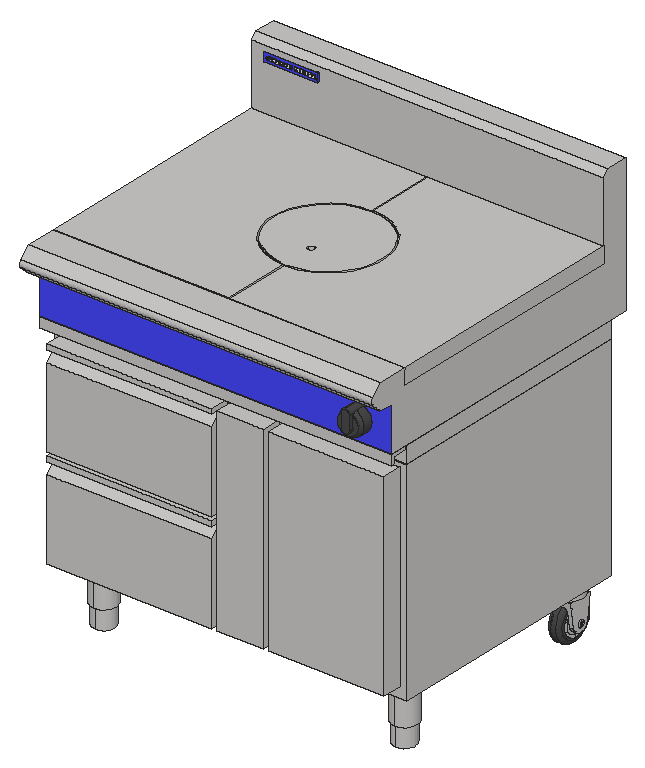
Revit family "QF_MOFFAT_BLUESEAL_CE_G57-RB", category Specialty Equipment, Revit 2012
Parameters
  Width = 900 mm
  Weight in Pounds = 489
  Watts = Volts * FL Amps  # 414 W
  Volts = 230 V
  URL Cutsheet = "www.moffat.com"
  URL = "www.moffat.com"
  Type Mark [instance] = ""
  Status [instance] = ""
  Specification by User [instance] = ""
  Specification by Manufacturer = ""
  Show Logo [instance] = yes
  Show Clearance [instance] = yes
  Show Casters [instance] = yes
  Serial Number = ""
  Seismic Rating = ""
  SMACNA No = ""
  Revision Code [instance] = ""
  Phase = 1
  Omniclass Number and Title = ""
  Number of Poles [instance] = 1
  NAFEM Spec ID Number = ""
  Model = "G57-RB"
  Min Ckt Ampacity = 0 A
  Mechanical Remarks = ""
  Mechanical Connection Type [instance] = ""
  Max Overcurrent Protection = 0 A
  Masterspec = ""
  Manufacturer = "MOFFAT BLUESEAL"
  Legs [instance] = not(Show Casters)  # no
  Item Number [instance] = ""
  Installed By [instance] = ""
  Identify Quantity as Lot [instance] = yes
  Height = 1085 mm
  HP = ""
  Gas Size = 3/4"
  Gas RI Height [instance] = 0 mm
  Gas KW [instance] = 12.5
  Gas Input [instance] = 42700.0 Btu/h
  Gas Connection Height = 0 mm
  Furnished By [instance] = ""
  Foodservice Equipment Identifier [instance] = yes
  FL Amps = 1.8 A
  Electrical Remarks = ""
  Electric Connection Type = ""
  Elec Conn RI Height = 0 mm
  Elec Conn Connection Height = 0 mm
  Description = "900MM GAS HOB TARGET TOP ON CABINET BASE"
  Depth = 812 mm
  Cycle = 50 Hz
  Conn Plug = ""
  Conn Conduit = yes
  CSI MasterFormat = ""
  CSI Master Format = ""
  Apparent Power = 0 VA
Reference planes
  plane 1 "BACK": y = 0
  plane 2: z = 0
  plane 3 "LEFT": x = 0
  plane 4 "RIGHT": x = 900
  plane 5 "FRONT": y = -812
  plane 6 "TOP": z = 970
  plane 7 "Center Y": x = 450
  plane 8 "Center X": y = -406
  plane 9: x = 280
  plane 10: y = -574.272
  plane 11: x = 60
  plane 12: y = -304.972
  plane 13: y = -364.972
  plane 14: x = 74
  plane 15: x = 834.5
  plane 16: y = -32
  plane 17: z = 655
  plane 18: z = 1085
Forms (mm)
  Extrusion 1, solid, material "QF_Finishes_Stainless Steel"
    sketch origin (0, 0, 0) x (0, 1, 0) y (0, 0, 1)
      loop
        line (0, 1085) -> (-57, 1085) -> (-70, 1072) -> (-70, 875) -> (-705, 875) -> (-705, 915) -> (-783.97, 915) -> (-808.503, 890.467)
        arc (-808.503, 890.467) -> (-812.01, 882) -> (-808.503, 873.533) r 11.974
        line (-808.503, 873.533) -> (-784.97, 850) -> (-749, 850) -> (-749, 736.219) -> (0, 736.219) -> (0, 1085)
      loop
        line (-699, 150) -> (-47, 150) -> (-47, 690.402) -> (-699, 690.402) -> (-699, 150)
      loop
        line (-749, 710) -> (-740.224, 710) -> (-742.613, 726.999) -> (-707.93, 726.999) -> (-707.93, 734.003) -> (-749, 734.003) -> (-749, 710)
      loop
        line (-699, 734.003) -> (-699, 691.402) -> (-47, 691.402) -> (-47, 734.003) -> (-699, 734.003)
    from 0 to 900
  Extrusion 2, solid, material "QF_Finishes_Stainless Steel"
    sketch origin (0, 0, 0) x (0, 1, 0) y (0, 0, 1)
      loop
        line (-70, 915) -> (-705, 915) -> (-705, 875) -> (-70, 875) -> (-70, 915)
    from 0 to 900
  Revolve 3, solid, material "QF_Finishes_Black"
    sketch origin (824.351, 45.874, 0) x (0, 1, 0) y (0, 0, 1)
      loop
        line (-827.874, 829.5) -> (-838.874, 823.651) -> (-838.874, 797) -> (-794.874, 797) -> (-794.874, 802) -> (-804.874, 802) -> (-804.874, 829.5) -> (-827.874, 829.5)
      axis (-838.874, 797) -> (-794.874, 797)
    angle from 0 to 360
  Extrusion 4, solid, material "QF_Finishes_Black"
    sketch origin (676.544, 7, 0) x (1, 0, 0) y (0, 0, 1)
      loop
        line (158.3, 789) -> (158.3, 824)
        arc (158.3, 824) -> (148.3, 834) -> (138.3, 824) r 10
        line (138.3, 824) -> (138.3, 789)
        arc (138.3, 789) -> (148.3, 779) -> (158.3, 789) r 10
    from 759 to 808
  Extrusion 5, void
    sketch origin (0, -72.734, 915) x (1, 0, 0) y (0, -1, 0)
      loop
        line (447.967, 173.281) -> (447.967, -2.734) -> (452.2, -2.734) -> (452.2, 173.283)
        arc (452.2, 173.283) -> (592.5, 315.967) -> (451.798, 458.255) r 142.5
        line (451.798, 458.255) -> (451.798, 632.266) -> (447.7, 632.266) -> (447.7, 458.248)
        arc (447.7, 458.248) -> (307.5, 315.632) -> (447.967, 173.281) r 142.5
      loop
        circle (450, 315.766) r 138
      loop
        circle (450, 370.766) r 8.75
    from 0 to 10
  Revolve 6, solid, material "QF_Finishes_Stainless Steel"
    sketch origin (834.5, -696.126, 0) x (0, 1, 0) y (0, 0, -1)
      loop
        line (39.376, -150) -> (71.126, -150) -> (71.126, 0) -> (43.626, 0) -> (43.626, -50) -> (39.376, -50) -> (39.376, -150)
      axis (71.126, -150) -> (71.126, 0)
    angle from 0 to 360
  Revolve 7, solid, material "QF_Finishes_Stainless Steel"
    sketch origin (65.5, -696.126, 0) x (0, 1, 0) y (0, 0, 1)
      loop
        line (39.376, 150) -> (39.376, 50) -> (43.626, 50) -> (43.626, 0) -> (71.126, 0) -> (71.126, 150) -> (39.376, 150)
      axis (71.126, 150) -> (71.126, 0)
    angle from 0 to 360
  Extrusion 8, solid, material "QF_Finishes_Stainless Steel"
    sketch origin (-64.5, 0, 325) x (1, 0, 0) y (0, 1, 0)
      loop
        circle (834.5, -32) r 10
    from 330 to 411.219
  Extrusion 9, solid, material "QF_Finishes_Stainless Steel", visible <- "Show Casters"
    sketch origin (71.501, 133.353, -8.783) x (0, 1, 0) y (0, 0, 1)
      loop
        line (-201.603, 118.783) -> (-265.103, 118.783) -> (-252.746, 53.895)
        arc (-252.746, 53.895) -> (-233.353, 38.783) -> (-213.959, 53.895) r 20
        line (-213.959, 53.895) -> (-201.603, 118.783)
    from -35.667 to 22.923
  Revolve 10, solid, material "QF_Finishes_Stainless Steel", visible <- "Show Casters"
    sketch origin (65, -203, 0) x (0, 1, 0) y (0, 0, 1)
      loop
        line (67.25, 150) -> (67.25, 110) -> (103, 110) -> (103, 150) -> (67.25, 150)
      axis (103, 150) -> (103, 110)
    angle from 0 to 360
  Revolve 11, solid, material "QF_Finishes_Stainless Steel", visible <- "Show Casters"
    sketch origin (834.5, -203, 0) x (0, 1, 0) y (0, 0, -1)
      loop
        line (67.25, -150) -> (103, -150) -> (103, -110) -> (67.25, -110) -> (67.25, -150)
      axis (103, -150) -> (103, -110)
    angle from 0 to 360
  Revolve 12, solid, material "QF_Finishes_Stainless Steel", visible <- "Show Casters"
    sketch origin (785.276, -99.755, -13.653) x (1, 0, 0) y (0, 0, 1)
      loop
        line (14.841, 64.453) -> (83.584, 64.453) -> (83.584, 67.958) -> (82.314, 69.228) -> (80.79, 69.228) -> (80.79, 72.674) -> (68.644, 72.674) -> (68.644, 82.639) -> (65.088, 84.692) -> (63.738, 93.028) -> (65.881, 93.028) -> (65.881, 99.378) -> (65.088, 99.378) -> (65.088, 105.728)
        arc (65.088, 105.728) -> (62.298, 112.463) -> (55.563, 115.253) r 9.525
        line (55.563, 115.253) -> (42.863, 115.253)
        arc (42.863, 115.253) -> (36.127, 112.463) -> (33.338, 105.728) r 9.525
        line (33.338, 105.728) -> (33.338, 99.378) -> (32.544, 99.378) -> (32.544, 93.028) -> (34.687, 93.028) -> (33.352, 84.781) -> (29.782, 82.719) -> (29.782, 72.674) -> (17.635, 72.674) -> (17.635, 69.228) -> (16.111, 69.228) -> (14.841, 67.958) -> (14.841, 64.453)
      axis (14.841, 64.453) -> (83.584, 64.453)
    angle from 0 to 360
  Extrusion 13, solid, material "QF_Finishes_Stainless Steel", visible <- "Show Casters"
    sketch origin (841.001, 133.353, -8.783) x (0, 1, 0) y (0, 0, 1)
      loop
        line (-201.603, 118.783) -> (-265.103, 118.783) -> (-252.746, 53.895)
        arc (-252.746, 53.895) -> (-233.353, 38.783) -> (-213.959, 53.895) r 20
        line (-213.959, 53.895) -> (-201.603, 118.783)
    from -35.667 to 22.923
  Revolve 14, solid, material "QF_Finishes_Stainless Steel", visible <- "Legs"
    sketch origin (65, -165, 0) x (0, 1, 0) y (0, 0, 1)
      loop
        line (33.25, 150) -> (33.25, 50) -> (37.5, 50) -> (37.5, 0) -> (65, 0) -> (65, 150) -> (33.25, 150)
      axis (65, 150) -> (65, 0)
    angle from 0 to 360
  Revolve 15, solid, material "QF_Finishes_Stainless Steel", visible <- "Legs"
    sketch origin (834.5, -165, 0) x (0, 1, 0) y (0, 0, -1)
      loop
        line (33.25, -150) -> (65, -150) -> (65, 0) -> (37.5, 0) -> (37.5, -50) -> (33.25, -50) -> (33.25, -150)
      axis (65, -150) -> (65, 0)
    angle from 0 to 360
  Revolve 16, solid, material "QF_Finishes_Stainless Steel", visible <- "Show Casters"
    sketch origin (114.224, -99.755, -13.653) x (-1, 0, 0) y (0, 0, -1)
      loop
        line (14.841, -64.453) -> (14.841, -67.958) -> (16.111, -69.228) -> (17.635, -69.228) -> (17.635, -72.674) -> (29.782, -72.674) -> (29.782, -82.719) -> (33.352, -84.781) -> (34.687, -93.028) -> (32.544, -93.028) -> (32.544, -99.378) -> (33.338, -99.378) -> (33.338, -105.728)
        arc (33.338, -105.728) -> (36.127, -112.463) -> (42.863, -115.253) r 9.525
        line (42.863, -115.253) -> (55.563, -115.253)
        arc (55.563, -115.253) -> (62.298, -112.463) -> (65.088, -105.728) r 9.525
        line (65.088, -105.728) -> (65.088, -99.378) -> (65.881, -99.378) -> (65.881, -93.028) -> (63.738, -93.028) -> (65.088, -84.692) -> (68.644, -82.639) -> (68.644, -72.674) -> (80.79, -72.674) -> (80.79, -69.228) -> (82.314, -69.228) -> (83.584, -67.958) -> (83.584, -64.453) -> (14.841, -64.453)
      axis (14.841, -64.453) -> (83.584, -64.453)
    angle from 0 to 360
  Extrusion 17, solid, material "QF_Finishes_Stainless Steel"
    sketch origin (0, -47, 150) x (0, 0, 1) y (1, 0, 0)
      loop
        circle (270, 526) r 6.35
    from 0 to 1.6
  Extrusion 18, solid, material "QF_Finishes_Stainless Steel"
    sketch origin (0, 0, 0) x (0, 1, 0) y (0, 0, 1)
      loop
        line (-699, 678) -> (-747, 678) -> (-747, 665) -> (-715.13, 665) -> (-749, 636.579) -> (-749, 431) -> (-699, 431) -> (-699, 678)
      loop
        line (-749, 175) -> (-699, 175) -> (-699, 421) -> (-747, 421) -> (-747, 408) -> (-715.13, 408) -> (-749, 379.579) -> (-749, 175)
    from 17.986 to 440
  Extrusion 19, solid, material "QF_Finishes_Stainless Steel"
    sketch origin (723.5, 0, 0) x (0, 1, 0) y (0, 0, 1)
      loop
        line (-699, 678) -> (-749, 678) -> (-749, 175) -> (-699, 175) -> (-699, 678)
    from -270.5 to -150.5
  Extrusion 20, solid, material "QF_Door-Drawer Clearances", visible <- "Show Clearance", detail levels coarse
    sketch origin (0, -749, 676) x (0, 0, -1) y (1, 0, 0)
      loop
        line (501, 440) -> (255, 440) -> (255, 17.986) -> (501, 17.986) -> (501, 440)
      loop
        line (245, 440) -> (-2, 440) -> (-2, 17.986) -> (245, 17.986) -> (245, 440)
    from 0 to 304.8
  Extrusion 21, solid, material "QF_Finishes_Stainless Steel"
    sketch origin (1031.5, 0, 0) x (0, 1, 0) y (0, 0, 1)
      loop
        line (-699, 678) -> (-749, 678) -> (-749, 175) -> (-699, 175) -> (-699, 678)
    from -444.5 to -150.5
Cuts and joins
  Extrusion 5 cuts Extrusion 1
  Extrusion 5 cuts Extrusion 2
Lines and regions (mm)
  Split face 1
    outline origin (900, 0, 1085) x (-1, 0, 0) y (0, -1, 0)
      loop
        arc (856, 18.185) -> (864.66, 23.185) -> (864.66, 33.185) r 10
        line (864.66, 33.185) -> (860.619, 40.185)
        arc (860.619, 40.185) -> (856.959, 43.846) -> (851.959, 45.185) r 10
        line (851.959, 45.185) -> (624, 45.185)
        arc (624, 45.185) -> (615.34, 40.185) -> (615.34, 30.185) r 10
        line (615.34, 30.185) -> (619.381, 23.185)
        arc (619.381, 23.185) -> (623.041, 19.525) -> (628.041, 18.185) r 10
        line (628.041, 18.185) -> (856, 18.185)
  Split face 2
    outline origin (900, 0, 1085) x (-1, 0, 0) y (0, -1, 0)
      loop
        arc (566, 18.185) -> (574.66, 23.185) -> (574.66, 33.185) r 10
        line (574.66, 33.185) -> (570.619, 40.185)
        arc (570.619, 40.185) -> (566.959, 43.846) -> (561.959, 45.185) r 10
        line (561.959, 45.185) -> (334, 45.185)
        arc (334, 45.185) -> (325.34, 40.185) -> (325.34, 30.185) r 10
        line (325.34, 30.185) -> (329.381, 23.185)
        arc (329.381, 23.185) -> (333.041, 19.525) -> (338.041, 18.185) r 10
        line (338.041, 18.185) -> (566, 18.185)
  Split face 3
    outline origin (900, 0, 1085) x (-1, 0, 0) y (0, -1, 0)
      loop
        arc (276, 18.185) -> (284.66, 23.185) -> (284.66, 33.185) r 10
        line (284.66, 33.185) -> (280.619, 40.185)
        arc (280.619, 40.185) -> (276.959, 43.846) -> (271.959, 45.185) r 10
        line (271.959, 45.185) -> (44, 45.185)
        arc (44, 45.185) -> (35.34, 40.185) -> (35.34, 30.185) r 10
        line (35.34, 30.185) -> (39.381, 23.185)
        arc (39.381, 23.185) -> (43.041, 19.525) -> (48.041, 18.185) r 10
        line (48.041, 18.185) -> (276, 18.185)
  Split face 4
    outline origin (1031.5, -749, 676) x (0, 0, -1) y (1, 0, 0)
      loop
        line (291.62, -416.534) -> (481.62, -416.534) -> (481.62, -181.534) -> (291.62, -181.534) -> (291.62, -416.534)
  Split face 5
    outline origin (1031.5, -749, 931) x (0, 0, -1) y (1, 0, 0)
      loop
        line (291.62, -416.534) -> (356.62, -416.534) -> (356.62, -181.534) -> (291.62, -181.534) -> (291.62, -416.534)
  Split face 6
    outline origin (1031.5, -749, 807.725) x (0, 0, -1) y (1, 0, 0)
      loop
        line (307.841, -274.649) -> (342.841, -274.649) -> (342.841, -219.649) -> (307.841, -219.649) -> (307.841, -274.649)
  Split face 7
    outline origin (939.097, -749, 808.536) x (0, 0, -1) y (1, 0, 0)
      loop
        line (307.841, -274.649) -> (342.841, -274.649) -> (342.841, -239.649) -> (307.841, -239.649) -> (307.841, -274.649)
  symbolic lines
    curve 1: line (0, 0, 0) -> (0, -812, 0)
    curve 2: line (900, 0, 0) -> (0, 0, 0)
    curve 3: line (900, -812, 0) -> (900, 0, 0)
    curve 4: line (0, -70, 0) -> (900, -70, 0)
    curve 5: line (900, -812, 0) -> (0, -812, 0)
    curve 6: line (447.967, -72.734, 0) -> (447.967, -246.014, 0)
    curve 7: line (452.2, -246.017, 0) -> (452.2, -72.734, 0)
    curve 8: line (451.798, -705, 0) -> (451.798, -530.989, 0)
    curve 9: line (447.7, -530.981, 0) -> (447.7, -705, 0)
    curve 10: line (900, -72.734, 0) -> (0, -72.734, 0)
    curve 11: line (0, -705, 0) -> (900, -705, 0)
    curve 12: arc (452.2, -246.017, 0) -> (592.5, -388.701, 0) -> (451.798, -530.989, 0) r 142.5
    curve 13: arc (447.7, -530.981, 0) -> (307.5, -388.366, 0) -> (447.967, -246.014, 0) r 142.5
    curve 14: circle (450, -388.5, 0) r 138 normal (0, 0, 1)
    curve 15: arc (458.75, -443.5, 0) -> (450, -452.25, 0) -> (441.25, -443.5, 0) r 8.75
    curve 16: arc (441.25, -443.5, 0) -> (450, -434.75, 0) -> (458.75, -443.5, 0) r 8.75
    curve 17: line (900, -57, 0) -> (0, -57, 0)
    curve 18: line (276, -45.185, 0) -> (48.041, -45.185, 0)
    curve 19: arc (48.041, -45.185, 0) -> (43.041, -43.846, 0) -> (39.381, -40.185, 0) r 10
    curve 20: line (39.381, -40.185, 0) -> (35.34, -33.185, 0)
    curve 21: arc (35.34, -33.185, 0) -> (35.34, -23.185, 0) -> (44, -18.185, 0) r 10
    curve 22: line (44, -18.185, 0) -> (271.959, -18.185, 0)
    curve 23: arc (271.959, -18.185, 0) -> (276.959, -19.525, 0) -> (280.619, -23.185, 0) r 10
    curve 24: line (280.619, -23.185, 0) -> (284.66, -30.185, 0)
    curve 25: arc (284.66, -30.185, 0) -> (284.66, -40.185, 0) -> (276, -45.185, 0) r 10
    curve 26: line (566, -45.185, 0) -> (338.041, -45.185, 0)
    curve 27: arc (338.041, -45.185, 0) -> (333.041, -43.846, 0) -> (329.381, -40.185, 0) r 10
    curve 28: line (329.381, -40.185, 0) -> (325.34, -33.185, 0)
    curve 29: arc (325.34, -33.185, 0) -> (325.34, -23.185, 0) -> (334, -18.185, 0) r 10
    curve 30: line (334, -18.185, 0) -> (561.959, -18.185, 0)
    curve 31: arc (561.959, -18.185, 0) -> (566.959, -19.525, 0) -> (570.619, -23.185, 0) r 10
    curve 32: line (570.619, -23.185, 0) -> (574.66, -30.185, 0)
    curve 33: arc (574.66, -30.185, 0) -> (574.66, -40.185, 0) -> (566, -45.185, 0) r 10
    curve 34: line (856, -45.185, 0) -> (628.041, -45.185, 0)
    curve 35: arc (628.041, -45.185, 0) -> (623.041, -43.846, 0) -> (619.381, -40.185, 0) r 10
    curve 36: line (619.381, -40.185, 0) -> (615.34, -33.185, 0)
    curve 37: arc (615.34, -33.185, 0) -> (615.34, -23.185, 0) -> (624, -18.185, 0) r 10
    curve 38: line (624, -18.185, 0) -> (851.959, -18.185, 0)
    curve 39: arc (851.959, -18.185, 0) -> (856.959, -19.525, 0) -> (860.619, -23.185, 0) r 10
    curve 40: line (860.619, -23.185, 0) -> (864.66, -30.185, 0)
    curve 41: arc (864.66, -30.185, 0) -> (864.66, -40.185, 0) -> (856, -45.185, 0) r 10
    curve 42: line (0, -783.97, 0) -> (900, -783.97, 0)
  symbolic lines, style "QF_Door-Drawer Clearances"
    curve 43: line (0, -1053.8, 0) -> (0, -812, 0)
    curve 44: line (440, -812, 0) -> (440, -1053.8, 0)
    curve 45: line (440, -1053.8, 0) -> (0, -1053.8, 0)
Dimensions and locks
  equal spacing: plane 3 "LEFT", plane 7 "Center Y", plane 4 "RIGHT"
  "Width": plane 3 "LEFT" to plane 4 "RIGHT"
  equal spacing: plane 5 "FRONT", plane 8 "Center X", plane 1 "BACK"
  "Depth": plane 5 "FRONT" to plane 1 "BACK"
  equal spacing: plane 4 "RIGHT", plane 7 "Center Y", plane 3 "LEFT"
  plane 4 "RIGHT" to plane 3 "LEFT" = 900 mm
  plane 5 "FRONT" to plane 1 "BACK" = 812 mm
  plane 10 to plane 1 "BACK" = 574.272 mm
  plane 12 to plane 1 "BACK" = 304.972 mm  (x2)
  plane 11 to plane 3 "LEFT" = 60 mm
  plane 14 to plane 3 "LEFT" = 74 mm
  plane 9 to plane 3 "LEFT" = 280 mm
  plane 6 "TOP" to plane 2 = 970 mm
  plane 17 to level = 655 mm
  Revolve 12 sketch curve to Revolve 12 sketch curve = 50.8 mm
  Revolve 16 sketch curve to Revolve 16 sketch curve = 50.8 mm
  plane 18 to level = 1085 mm  (x2)
  Extrusion 17 sketch curve to plane 4 "RIGHT" = 374 mm
  level to Extrusion 17 sketch curve = 420 mm
  aligned and locked: level to plane 2
  aligned and locked: curve 3 to plane 4 "RIGHT"
  aligned and locked: Extrusion 1 to Extrusion 2  (x2)
Automatic sketch dimensions
  Extrusion 2 sketch curve to plane 5 "FRONT" = 107 mm
  Extrusion 2 sketch curve to plane 16 = 38 mm
  plane 17 to Extrusion 2 sketch curve = 220 mm
  Extrusion 2 sketch curve to Extrusion 2 sketch curve = 40 mm
  Revolve 3 sketch curve to plane 5 "FRONT" = 19 mm
  Revolve 3 sketch curve to Revolve 3 sketch curve = 0 mm  (x2)
  Revolve 3 sketch curve to Revolve 3 sketch curve = 11 mm
  Revolve 3 sketch curve to Revolve 3 sketch curve = 12.7 mm
  Revolve 3 sketch curve to Revolve 3 sketch curve = 23 mm
  Revolve 3 sketch curve to Revolve 3 sketch curve = 10 mm
  plane 17 to Revolve 3 sketch curve = 142 mm
  Revolve 3 sketch curve to Revolve 3 sketch curve = 5 mm
  Revolve 3 sketch curve to Revolve 3 sketch curve = 26.651 mm
  Revolve 3 sketch curve to Revolve 3 sketch curve = 5.849 mm
  Extrusion 4 sketch curve to plane 15 = 19.656 mm
  Extrusion 4 sketch curve to plane 15 = 9.656 mm
  plane 17 to Extrusion 4 sketch curve = 134 mm
  Extrusion 4 sketch curve to Extrusion 4 sketch curve = 35 mm
  Extrusion 8 sketch curve to plane 16 = 0 mm
  Revolve 7 sketch curve to level = 0 mm
  Revolve 7 sketch curve to Revolve 7 sketch curve = 4.25 mm
  Revolve 7 sketch curve to Revolve 7 sketch curve = 27.5 mm
  Revolve 7 sketch curve to plane 10 = 50.728 mm  (x2)
  Revolve 7 sketch curve to level = 55 mm
  Revolve 7 sketch curve to Revolve 7 sketch curve = 50 mm
  Revolve 7 sketch curve to Revolve 7 sketch curve = 0 mm
  Revolve 7 sketch curve to Revolve 7 sketch curve = 100 mm
  Revolve 6 sketch curve to level = 0 mm
  Revolve 6 sketch curve to Revolve 6 sketch curve = 4.25 mm
  Revolve 6 sketch curve to Revolve 6 sketch curve = 27.5 mm
  Revolve 6 sketch curve to plane 10 = 50.728 mm  (x2)
  level to Revolve 6 sketch curve = 50 mm
  Revolve 6 sketch curve to Revolve 6 sketch curve = 0 mm
  Revolve 6 sketch curve to Revolve 6 sketch curve = 55 mm
  Extrusion 5 sketch curve to Extrusion 5 sketch curve = 0 mm  (x4)
  Extrusion 5 sketch curve to Extrusion 2 = 0 mm
  Extrusion 2 to Extrusion 5 sketch curve = 0 mm
  Extrusion 2 to Extrusion 5 sketch curve = 174.019 mm
  Extrusion 2 to Extrusion 5 sketch curve = 447.7 mm
  Extrusion 5 sketch curve to Extrusion 5 sketch curve = 4.098 mm
  Extrusion 5 sketch curve to Extrusion 5 sketch curve = 4.232 mm
  Extrusion 5 sketch curve to Extrusion 5 sketch curve = 0.007 mm
  Extrusion 5 sketch curve to Extrusion 5 sketch curve = 4.481 mm
  Extrusion 5 sketch curve to Extrusion 5 sketch curve = 138 mm
  Extrusion 2 to Extrusion 5 sketch curve = 447.967 mm
  Extrusion 5 sketch curve to Extrusion 5 sketch curve = 2.3 mm
  Extrusion 8 sketch curve to plane 15 = 64.5 mm
  cut or joined group of Extrusion 1, Extrusion 5 to Split face 1 sketch curve = 26.815 mm
  Split face 1 sketch curve to cut or joined group of Extrusion 1, Extrusion 5 = 284.66 mm
  Split face 1 sketch curve to Split face 1 sketch curve = 4.041 mm  (x4)
  Split face 1 sketch curve to Split face 1 sketch curve = 8.66 mm  (x2)
  cut or joined group of Extrusion 1, Extrusion 5 to Split face 1 sketch curve = 11.815 mm
  Split face 1 sketch curve to cut or joined group of Extrusion 1, Extrusion 5 = 48.041 mm
  Split face 1 sketch curve to Split face 1 sketch curve = 7 mm  (x3)
  Split face 1 sketch curve to Split face 1 sketch curve = 17 mm
  cut or joined group of Extrusion 1, Extrusion 5 to Split face 2 sketch curve = 26.815 mm
  Split face 2 sketch curve to cut or joined group of Extrusion 1, Extrusion 5 = 325.34 mm
  Split face 2 sketch curve to Split face 2 sketch curve = 4.041 mm  (x4)
  Split face 2 sketch curve to Split face 2 sketch curve = 8.66 mm  (x2)
  cut or joined group of Extrusion 1, Extrusion 5 to Split face 2 sketch curve = 11.815 mm
  Split face 2 sketch curve to Split face 2 sketch curve = 223.917 mm
  Split face 2 sketch curve to Split face 2 sketch curve = 7 mm  (x3)
  Split face 2 sketch curve to Split face 2 sketch curve = 17 mm
  Split face 3 sketch curve to cut or joined group of Extrusion 1, Extrusion 5 = 35.34 mm
  Split face 3 sketch curve to Split face 3 sketch curve = 4.041 mm  (x4)
  Split face 3 sketch curve to Split face 3 sketch curve = 8.66 mm  (x2)
  cut or joined group of Extrusion 1, Extrusion 5 to Split face 3 sketch curve = 11.815 mm
  Split face 3 sketch curve to Split face 3 sketch curve = 223.917 mm
  Split face 3 sketch curve to Split face 3 sketch curve = 5 mm
  Split face 3 sketch curve to Split face 3 sketch curve = 10 mm
  Split face 3 sketch curve to Split face 3 sketch curve = 7 mm  (x3)
  Extrusion 9 sketch curve to plane 16 = 99.75 mm
  Extrusion 9 sketch curve to Extrusion 9 sketch curve = 12.357 mm
  Extrusion 9 sketch curve to Extrusion 9 sketch curve = 19.393 mm  (x2)
  level to Extrusion 9 sketch curve = 45.111 mm
  Extrusion 9 sketch curve to plane 16 = 36.25 mm
  Extrusion 9 sketch curve to Extrusion 9 sketch curve = 4.889 mm
  Extrusion 9 sketch curve to Extrusion 9 sketch curve = 64.889 mm
  Revolve 10 sketch curve to plane 16 = 103.75 mm
  Revolve 10 sketch curve to plane 16 = 68 mm
  Revolve 10 sketch curve to Revolve 10 sketch curve = 35.75 mm
  Revolve 10 sketch curve to level = 55 mm
  level to Revolve 10 sketch curve = 50 mm
  Revolve 10 sketch curve to Revolve 10 sketch curve = 60 mm
  Revolve 10 sketch curve to Revolve 10 sketch curve = 40 mm
  Revolve 11 sketch curve to plane 16 = 103.75 mm
  Revolve 11 sketch curve to plane 16 = 68 mm
  Revolve 11 sketch curve to Revolve 11 sketch curve = 35.75 mm
  level to Revolve 11 sketch curve = 150 mm
  Revolve 11 sketch curve to Revolve 11 sketch curve = 40 mm
  level to Revolve 11 sketch curve = 50 mm
  Revolve 11 sketch curve to level = 55 mm
  Revolve 12 sketch curve to plane 15 = 34.382 mm
  Revolve 12 sketch curve to Revolve 12 sketch curve = 1.27 mm  (x4)
  Revolve 12 sketch curve to Revolve 12 sketch curve = 1.524 mm  (x2)
  Revolve 12 sketch curve to Revolve 12 sketch curve = 12.146 mm  (x2)
  Revolve 12 sketch curve to plane 15 = 16.68 mm
  Revolve 12 sketch curve to Revolve 12 sketch curve = 0.794 mm  (x2)
  Revolve 12 sketch curve to Revolve 12 sketch curve = 3.57 mm
  Revolve 12 sketch curve to Revolve 12 sketch curve = 2.143 mm
  Revolve 12 sketch curve to plane 15 = 6.361 mm
  plane 15 to Revolve 12 sketch curve = 5.13 mm
  plane 15 to Revolve 12 sketch curve = 6.339 mm
  plane 15 to Revolve 12 sketch curve = 14.515 mm
  Revolve 12 sketch curve to Revolve 12 sketch curve = 1.349 mm  (x2)
  Revolve 12 sketch curve to Revolve 12 sketch curve = 3.556 mm
  Revolve 12 sketch curve to plane 4 "RIGHT" = 2.18 mm
  level to Revolve 12 sketch curve = 50.8 mm
  Revolve 12 sketch curve to Revolve 12 sketch curve = 0 mm
  Revolve 12 sketch curve to Revolve 12 sketch curve = 3.505 mm  (x2)
  Revolve 12 sketch curve to Revolve 12 sketch curve = 3.447 mm  (x2)
  Revolve 12 sketch curve to Revolve 12 sketch curve = 9.964 mm
  Revolve 12 sketch curve to Revolve 12 sketch curve = 10.045 mm
  Revolve 12 sketch curve to Revolve 12 sketch curve = 2.053 mm
  Revolve 12 sketch curve to Revolve 12 sketch curve = 2.061 mm
  Revolve 12 sketch curve to Revolve 12 sketch curve = 8.247 mm
  Revolve 12 sketch curve to Revolve 12 sketch curve = 8.336 mm
  Revolve 12 sketch curve to Revolve 12 sketch curve = 6.35 mm  (x2)
  Extrusion 13 sketch curve to plane 16 = 99.75 mm
  Extrusion 13 sketch curve to Extrusion 13 sketch curve = 12.357 mm
  Extrusion 13 sketch curve to Extrusion 13 sketch curve = 19.393 mm  (x2)
  level to Extrusion 13 sketch curve = 45.111 mm
  Extrusion 13 sketch curve to plane 16 = 36.25 mm
  Extrusion 13 sketch curve to Extrusion 13 sketch curve = 4.889 mm
  Extrusion 13 sketch curve to Extrusion 13 sketch curve = 64.889 mm
  Revolve 14 sketch curve to level = 0 mm
  Revolve 14 sketch curve to plane 16 = 99.75 mm
  Revolve 14 sketch curve to Revolve 14 sketch curve = 4.25 mm
  Revolve 14 sketch curve to Revolve 14 sketch curve = 27.5 mm  (x2)
  Revolve 14 sketch curve to level = 55 mm
  Revolve 14 sketch curve to Revolve 14 sketch curve = 50 mm
  Revolve 14 sketch curve to Revolve 14 sketch curve = 0 mm
  Revolve 14 sketch curve to Revolve 14 sketch curve = 100 mm
  Revolve 15 sketch curve to level = 0 mm
  Revolve 15 sketch curve to plane 16 = 99.75 mm
  Revolve 15 sketch curve to Revolve 15 sketch curve = 4.25 mm
  Revolve 15 sketch curve to Revolve 15 sketch curve = 27.5 mm  (x2)
  level to Revolve 15 sketch curve = 50 mm
  Revolve 15 sketch curve to Revolve 15 sketch curve = 0 mm
  Revolve 15 sketch curve to Revolve 15 sketch curve = 100 mm
  Revolve 15 sketch curve to Revolve 15 sketch curve = 55 mm
  plane 14 to Revolve 16 sketch curve = 25.382 mm
  Revolve 16 sketch curve to Revolve 16 sketch curve = 1.27 mm  (x4)
  Revolve 16 sketch curve to Revolve 16 sketch curve = 1.524 mm  (x2)
  plane 14 to Revolve 16 sketch curve = 10.442 mm
  plane 14 to Revolve 16 sketch curve = 7.68 mm
  Revolve 16 sketch curve to Revolve 16 sketch curve = 0.794 mm  (x2)
  Revolve 16 sketch curve to Revolve 16 sketch curve = 3.57 mm
  Revolve 16 sketch curve to Revolve 16 sketch curve = 2.143 mm
  Revolve 16 sketch curve to plane 14 = 2.639 mm
  Revolve 16 sketch curve to plane 11 = 0.13 mm
  Revolve 16 sketch curve to plane 11 = 1.339 mm
  Revolve 16 sketch curve to plane 11 = 9.515 mm
  Revolve 16 sketch curve to Revolve 16 sketch curve = 1.349 mm  (x2)
  Revolve 16 sketch curve to Revolve 16 sketch curve = 3.556 mm
  Revolve 16 sketch curve to Revolve 16 sketch curve = 12.146 mm
  Revolve 16 sketch curve to plane 3 "LEFT" = 2.68 mm
  level to Revolve 16 sketch curve = 101.6 mm
  Revolve 16 sketch curve to Revolve 16 sketch curve = 6.35 mm  (x4)
  Revolve 16 sketch curve to Revolve 16 sketch curve = 8.247 mm
  Revolve 16 sketch curve to Revolve 16 sketch curve = 8.336 mm
  Revolve 16 sketch curve to Revolve 16 sketch curve = 2.061 mm
  Revolve 16 sketch curve to Revolve 16 sketch curve = 2.053 mm
  Revolve 16 sketch curve to Revolve 16 sketch curve = 10.045 mm
  Revolve 16 sketch curve to Revolve 16 sketch curve = 9.964 mm
  Revolve 16 sketch curve to Revolve 16 sketch curve = 3.447 mm  (x2)
  Revolve 16 sketch curve to Revolve 16 sketch curve = 3.505 mm
  Revolve 6 sketch curve to Revolve 6 sketch curve = 100 mm
  plane 18 to Extrusion 1 sketch curve = 0 mm
  Extrusion 1 sketch curve to plane 1 "BACK" = 0 mm
  Extrusion 1 sketch curve to plane 16 = 25 mm
  plane 18 to Extrusion 1 sketch curve = 13 mm
  Extrusion 1 sketch curve to Extrusion 1 sketch curve = 13 mm
  Extrusion 1 sketch curve to plane 5 "FRONT" = 107 mm
  Extrusion 1 sketch curve to Extrusion 1 sketch curve = 8.93 mm
  Extrusion 1 sketch curve to Extrusion 1 sketch curve = 32.294 mm
  Extrusion 1 sketch curve to Extrusion 1 sketch curve = 2.389 mm
  Extrusion 1 sketch curve to Extrusion 1 sketch curve = 8.776 mm
  Extrusion 1 sketch curve to Extrusion 1 sketch curve = 0 mm  (x2)
  Extrusion 1 sketch curve to plane 5 "FRONT" = 28.03 mm
  Extrusion 1 sketch curve to plane 5 "FRONT" = 27.03 mm
  Extrusion 1 sketch curve to plane 5 "FRONT" = 11.964 mm
  Extrusion 1 sketch curve to plane 5 "FRONT" = 3.497 mm  (x2)
  level to Extrusion 1 sketch curve = 150 mm
  Extrusion 1 sketch curve to Extrusion 1 sketch curve = 1 mm
  Extrusion 1 sketch curve to Extrusion 1 sketch curve = 18.598 mm
  Extrusion 1 sketch curve to Extrusion 1 sketch curve = 16.999 mm
  Extrusion 1 sketch curve to Extrusion 1 sketch curve = 7.004 mm
  Extrusion 1 sketch curve to Extrusion 1 sketch curve = 23.533 mm
  Extrusion 1 sketch curve to Extrusion 1 sketch curve = 25 mm
  Extrusion 1 sketch curve to Extrusion 1 sketch curve = 8.467 mm
  Extrusion 1 sketch curve to Extrusion 1 sketch curve = 24.533 mm
  Extrusion 1 sketch curve to Extrusion 1 sketch curve = 2.216 mm  (x2)
  Extrusion 1 sketch curve to plane 5 "FRONT" = 63 mm
  Extrusion 1 sketch curve to Extrusion 1 sketch curve = 113.781 mm
  plane 1 "BACK" to Extrusion 1 sketch curve = 47 mm  (x2)
  plane 17 to Extrusion 1 sketch curve = 35.402 mm
  curve 12 to curve 13 = 0 mm  (x2)
  curve 12 to curve 14 = 0 mm  (x2)
  plane 1 "BACK" to curve 1 = 0 mm
  curve 1 to plane 3 "LEFT" = 0 mm
  plane 5 "FRONT" to curve 44 = 0 mm
  curve 13 to plane 7 "Center Y" = 0 mm
  curve 15 to plane 7 "Center Y" = 0 mm
  curve 20 to plane 16 = 1.185 mm
  curve 20 to plane 11 = 24.66 mm
  curve 21 to curve 19 = 4.041 mm
  curve 21 to plane 11 = 16 mm
  curve 19 to curve 19 = 8.66 mm
  curve 23 to plane 9 = 8.041 mm
  curve 25 to plane 9 = 4 mm
  plane 9 to curve 23 = 0.619 mm
  plane 16 to curve 25 = 1.815 mm
  plane 9 to curve 25 = 4.66 mm
  curve 29 to plane 16 = 1.185 mm
  curve 24 to curve 29 = 40.679 mm
  curve 29 to curve 27 = 4.041 mm
  plane 16 to curve 29 = 3.815 mm
  curve 28 to curve 29 = 8.66 mm
  curve 27 to curve 27 = 8.66 mm
  curve 44 to plane 7 "Center Y" = 10 mm
  curve 16 to plane 7 "Center Y" = 8.75 mm
  curve 9 to plane 7 "Center Y" = 2.3 mm
  curve 13 to plane 7 "Center Y" = 2.033 mm
  plane 7 "Center Y" to curve 8 = 1.798 mm
  plane 7 "Center Y" to curve 7 = 2.2 mm
  plane 7 "Center Y" to curve 31 = 111.959 mm
  curve 31 to curve 33 = 4.041 mm
  plane 16 to curve 32 = 8.815 mm
  curve 31 to curve 32 = 8.66 mm
  plane 16 to curve 32 = 1.815 mm
  curve 32 to curve 32 = 4.041 mm
  curve 37 to plane 16 = 1.185 mm
  curve 32 to curve 37 = 40.679 mm
  curve 36 to curve 35 = 4.041 mm
  curve 36 to curve 37 = 8.66 mm
  curve 35 to curve 34 = 8.66 mm
  plane 15 to curve 39 = 17.459 mm
  curve 39 to curve 41 = 4.041 mm  (x2)
  plane 16 to curve 40 = 8.815 mm
  curve 39 to curve 40 = 8.66 mm
  plane 16 to curve 41 = 1.815 mm
  curve 44 to curve 44 = 241.8 mm
  curve 42 to plane 5 "FRONT" = 28.03 mm
  curve 42 to curve 11 = 78.97 mm
  plane 10 to curve 8 = 43.284 mm
  curve 12 to curve 13 = 0.007 mm
  curve 16 to plane 8 "Center X" = 37.5 mm
  plane 8 "Center X" to curve 12 = 17.5 mm
  curve 10 to plane 16 = 40.734 mm
  curve 10 to curve 4 = 2.734 mm
  curve 4 to curve 17 = 13 mm
  curve 26 to plane 16 = 13.185 mm
  curve 19 to plane 16 = 13.185 mm
  curve 34 to plane 16 = 13.185 mm
  curve 28 to curve 29 = 7 mm
  curve 36 to curve 36 = 7 mm
  curve 19 to curve 21 = 7 mm
  plane 16 to curve 37 = 3.815 mm
  plane 16 to curve 21 = 3.815 mm
  plane 16 to curve 23 = 3.815 mm
  Extrusion 18 sketch curve to plane 17 = 18.421 mm
  Extrusion 18 sketch curve to plane 5 "FRONT" = 63 mm  (x2)
  Extrusion 18 sketch curve to Extrusion 18 sketch curve = 2 mm  (x2)
  plane 17 to Extrusion 18 sketch curve = 10 mm
  Extrusion 18 sketch curve to Extrusion 18 sketch curve = 31.87 mm  (x2)
  Extrusion 18 sketch curve to Extrusion 18 sketch curve = 50 mm
  Extrusion 18 sketch curve to Extrusion 18 sketch curve = 0 mm
  Extrusion 18 sketch curve to Extrusion 18 sketch curve = 205.579 mm
  Extrusion 18 sketch curve to Extrusion 18 sketch curve = 10 mm
  Extrusion 18 sketch curve to Extrusion 18 sketch curve = 13 mm  (x2)
  Extrusion 18 sketch curve to Extrusion 18 sketch curve = 28.421 mm
  level to Extrusion 18 sketch curve = 175 mm
  Extrusion 19 sketch curve to plane 5 "FRONT" = 63 mm
  Extrusion 19 sketch curve to Extrusion 19 sketch curve = 50 mm
  level to Extrusion 19 sketch curve = 175 mm
  plane 17 to Extrusion 19 sketch curve = 23 mm
  Extrusion 20 sketch curve to Extrusion 18 = 0 mm  (x3)
  Extrusion 18 to Extrusion 20 sketch curve = 0 mm  (x2)
  Extrusion 18 to Extrusion 20 sketch curve = 41.421 mm
  Extrusion 18 to Extrusion 20 sketch curve = 10 mm
  Extrusion 20 sketch curve to Extrusion 20 sketch curve = 246 mm
  Extrusion 21 sketch curve to plane 5 "FRONT" = 63 mm
  Extrusion 21 sketch curve to Extrusion 21 sketch curve = 50 mm
  level to Extrusion 21 sketch curve = 175 mm
  plane 17 to Extrusion 21 sketch curve = 23 mm
  Split face 4 sketch curve to Extrusion 21 = 31.034 mm
  Split face 4 sketch curve to Extrusion 21 = 209.38 mm
  Split face 4 sketch curve to Extrusion 21 = 19.38 mm
  Split face 4 sketch curve to Extrusion 21 = 27.966 mm
  Split face 5 sketch curve to Extrusion 21 = 38.62 mm
  Split face 5 sketch curve to Extrusion 21 = 27.966 mm
  Split face 5 sketch curve to Split face 5 sketch curve = 65 mm
  Split face 5 sketch curve to Extrusion 21 = 31.034 mm
  Split face 6 sketch curve to Extrusion 21 = 69.149 mm
  Split face 6 sketch curve to Extrusion 21 = 178.116 mm
  Split face 6 sketch curve to Split face 6 sketch curve = 35 mm
  Split face 6 sketch curve to Split face 6 sketch curve = 55 mm
  Split face 7 sketch curve to Extrusion 21 = 177.305 mm
  Split face 7 sketch curve to Split face 7 sketch curve = 35 mm  (x2)
  Split face 7 sketch curve to Extrusion 21 = 77.448 mm
  radius of Extrusion 8 sketch curve = 10 mm
  radius of curve 14 = 138 mm
  radius of Extrusion 17 sketch curve = 6.35 mm
Nested families
  nested 1: "WALDORF LOGO_FACE BASE" at (32, -70, 1055.959) x (1, 0, 0) z (0, -1, 0), visible <- "Show Logo", type "WALDORF LOGO_FACE BASE", detail levels medium+fine
    with Show Logo yes
Connectors
  piping at (770, -32, 655)
    settings: on Extrusion 8, index 4, connector radius 0.37402", flow factor 0, pipe flow 0 GPM, pressure drop 0.00 psi, fitting loss kfactor 0, connector angle 0.00°, fixture units 0, engagement length 0 mm, flow configuration 1, flow direction 1, fitting loss method 0, system type 7, joint type 0, gender type 0, connector reference index -1, connector utility 0, adjustable connector no, is connector primary yes, fitting loss table "", connector description "GAS CONNECTION"
  electrical at (526, -45.4, 420), driven by "Volts", driven by "Watts"
    settings: on Extrusion 17, index 5, voltage 230 V, apparent load 414 VA, apparent load phase1 0 VA, apparent load phase2 0 VA, apparent load phase3 0 VA, power factor 1, load classification "Other", number of poles 1, system type 30, power factor state 1, is connector primary yes, connector utility no, sub classification motor no, connector description "ELECTRICAL CONNECTION"
Definition of nested family "WALDORF LOGO_FACE BASE"
  Parameters (values of type "WALDORF LOGO_FACE BASE")
    Show Logo [instance] = yes
    Default Elevation = 1219.2 mm
  Reference planes
    plane 1 "Center (Front/Back)": y = 0
    plane 2: z = 0
    plane 3 "Center (Left/Right)": x = 0
  Forms (mm)
    Extrusion 1, solid
      sketch origin (0, 0, 0) x (1, 0, 0) y (0, 1, 0)
        loop
          line (-1219.2, 1219.2) -> (-1219.2, -1219.2) -> (1219.2, -1219.2) -> (1219.2, 1219.2) -> (-1219.2, 1219.2)
      from 0 to -304.8
    Extrusion 2, solid, material "QF_Finishes_Blue", visible <- "Show Logo"
      sketch origin (0, -33.217, 0) x (1, 0, 0) y (0, 1, 0)
        loop
          arc (138, 31.942) -> (137.626, 32.844) -> (136.724, 33.217) r 1.276
          line (136.724, 33.217) -> (1.29, 33.217)
          arc (1.29, 33.217) -> (0.378, 32.839) -> (0, 31.927) r 1.29
          line (0, 31.927) -> (0, 11.507)
          arc (0, 11.507) -> (0.378, 10.595) -> (1.29, 10.217) r 1.29
          line (1.29, 10.217) -> (136.71, 10.217)
          arc (136.71, 10.217) -> (137.622, 10.595) -> (138, 11.507) r 1.29
          line (138, 11.507) -> (138, 31.942)
      from 0 to 1.588
    Extrusion 3, solid, material "QF_Finishes_White", visible <- "Show Logo"
      sketch origin (0, -33.217, 1.588) x (1, 0, 0) y (0, 1, 0)
        loop
          arc (108.946, 25.919) -> (107.613, 25.367) -> (107.061, 24.034) r 1.885
          line (107.061, 24.034) -> (107.061, 17.211) -> (112.704, 17.211) -> (112.704, 19.129) -> (115.546, 19.129) -> (115.546, 17.211) -> (121.584, 17.211) -> (121.584, 24.075)
          arc (121.584, 24.075) -> (121.043, 25.379) -> (119.739, 25.919) r 1.845
          line (119.739, 25.919) -> (108.946, 25.919)
        loop
          line (123.478, 25.919) -> (123.478, 17.163) -> (134.904, 17.163) -> (134.904, 19.129) -> (129.246, 19.129) -> (129.246, 25.919) -> (123.478, 25.919)
        loop
          line (112.704, 21.258) -> (115.546, 21.258) -> (115.546, 22.702)
          arc (115.546, 22.702) -> (115.344, 23.188) -> (114.858, 23.389) r 0.687
          line (114.858, 23.389) -> (113.363, 23.389)
          arc (113.363, 23.389) -> (112.897, 23.196) -> (112.704, 22.73) r 0.658
          line (112.704, 22.73) -> (112.704, 21.258)
        loop
          line (105.071, 25.919) -> (93.771, 25.919) -> (93.771, 17.163) -> (105.071, 17.163) -> (105.071, 19.063) -> (99.535, 19.063) -> (99.535, 20.437) -> (105.071, 20.437) -> (105.071, 22.278) -> (99.535, 22.278) -> (99.535, 23.587) -> (105.071, 23.587) -> (105.071, 25.919)
        loop
          line (91.104, 25.919) -> (79.541, 25.919)
          arc (79.541, 25.919) -> (78.558, 25.513) -> (78.152, 24.53) r 1.389
          line (78.152, 24.53) -> (78.152, 22.08)
          arc (78.152, 22.08) -> (78.558, 21.098) -> (79.541, 20.691) r 1.389
          line (79.541, 20.691) -> (86.346, 20.691) -> (86.346, 18.864) -> (83.266, 18.864) -> (83.266, 19.664) -> (78.152, 19.664) -> (78.152, 18.553)
          arc (78.152, 18.553) -> (78.558, 17.57) -> (79.541, 17.163) r 1.389
          line (79.541, 17.163) -> (91.063, 17.163)
          arc (91.063, 17.163) -> (92.045, 17.57) -> (92.452, 18.553) r 1.389
          line (92.452, 18.553) -> (92.452, 20.691)
          arc (92.452, 20.691) -> (92.045, 21.673) -> (91.063, 22.08) r 1.389
          line (91.063, 22.08) -> (83.266, 22.08) -> (83.266, 23.984) -> (86.346, 23.984) -> (86.346, 22.743) -> (92.452, 22.743) -> (92.452, 24.571)
          arc (92.452, 24.571) -> (92.057, 25.524) -> (91.104, 25.919) r 1.348
        loop
          line (70.705, 25.919) -> (59.405, 25.919) -> (59.405, 17.163) -> (70.705, 17.163) -> (70.705, 19.063) -> (65.169, 19.063) -> (65.169, 20.437) -> (70.705, 20.437) -> (70.705, 22.278) -> (65.169, 22.278) -> (65.169, 23.587) -> (70.705, 23.587) -> (70.705, 25.919)
        loop
          line (57.598, 25.919) -> (51.7, 25.919) -> (51.7, 20.18)
          arc (51.7, 20.18) -> (50.63, 19.11) -> (49.56, 20.18) r 1.07
          line (49.56, 20.18) -> (49.56, 25.919) -> (43.663, 25.919) -> (43.663, 19.049)
          arc (43.663, 19.049) -> (44.215, 17.716) -> (45.548, 17.163) r 1.885
          line (45.548, 17.163) -> (55.71, 17.163)
          arc (55.71, 17.163) -> (57.045, 17.716) -> (57.598, 19.051) r 1.887
          line (57.598, 19.051) -> (57.598, 25.919)
        loop
          line (31.62, 25.919) -> (31.62, 17.163) -> (43.046, 17.163) -> (43.046, 19.129) -> (37.388, 19.129) -> (37.388, 25.919) -> (31.62, 25.919)
        loop
          line (15.969, 25.919) -> (15.969, 17.163) -> (28.693, 17.163)
          arc (28.693, 17.163) -> (29.812, 17.627) -> (30.276, 18.746) r 1.582
          line (30.276, 18.746) -> (30.276, 20.447) -> (29.48, 21.243) -> (30.276, 22.039) -> (30.276, 24.332)
          arc (30.276, 24.332) -> (29.811, 25.454) -> (28.688, 25.919) r 1.587
          line (28.688, 25.919) -> (15.969, 25.919)
        loop
          line (21.449, 24.159) -> (21.449, 22.436) -> (23.862, 22.436)
          arc (23.862, 22.436) -> (24.723, 23.298) -> (23.862, 24.159) r 0.861
          line (23.862, 24.159) -> (21.449, 24.159)
        loop
          line (21.449, 20.244) -> (21.449, 18.522) -> (23.862, 18.522)
          arc (23.862, 18.522) -> (24.723, 19.383) -> (23.862, 20.244) r 0.861
          line (23.862, 20.244) -> (21.449, 20.244)
      from 0 to 0.2
    Extrusion 4, solid, material "QF_Finishes_Blue", visible <- "Show Logo"
      sketch origin (-126.498, -31.09, 1.588) x (1, 0, 0) y (0, 1, 0)
        loop
          line (136.738, 23.522) -> (136.738, 15.1)
          arc (136.738, 15.1) -> (140.756, 19.311) -> (136.738, 23.522) r 4.216
      from 0 to 0.2
    Extrusion 5, solid, material "QF_Finishes_Red", visible <- "Show Logo"
      sketch origin (146.849, -31.09, 1.588) x (-1, 0, 0) y (0, -1, 0)
        loop
          arc (136.738, -23.522) -> (140.756, -19.311) -> (136.738, -15.1) r 4.216
          line (136.738, -15.1) -> (136.738, -23.522)
      from 0 to 0.2
  Lines and regions (mm)
    Split face 1
      outline origin (-90.35, -30.793, 1.588) x (1, 0, 0) y (0, 1, 0)
        loop
          circle (100.54, 19.013) r 4.536
  Dimensions and locks
    aligned and locked: plane 2 to Extrusion 1
    aligned and locked: level to Extrusion 1
